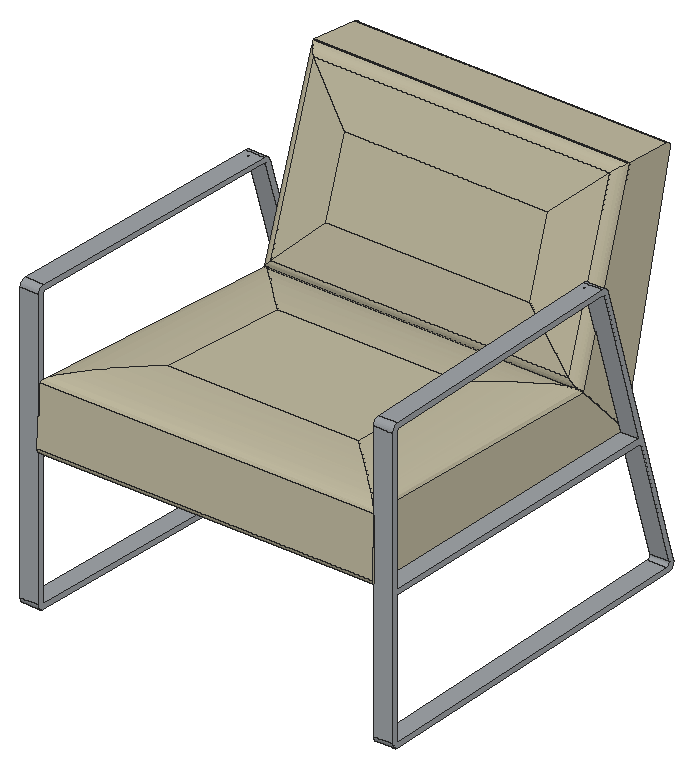
Revit family
Parameters
  URL = "http://www.martinbrattrud.com"
  SCS Certified Product = "Yes"
  Model = "Serif 530-01"
  Manufacturer = "Martin Brattrud, Inc."
  Keynote = "125000"
  Copyright = "© 2013 Martin Brattrud, Inc."
  Chair [instance] = none
  Arms [instance] = none
  Authoring Version = "Revit Architecture 2010"
  Assembly Code = "E2020200"
Reference planes (in)
  plane 1 "Center Front/Back": y = 0
  plane 2: z = 0
  plane 3 "Center Left/Right": x = 0
Forms (in)
  Extrusion 1, void
    sketch origin (0, 0, 0) x (1, 0, 0) y (0, 1, 0)
      loop
        line (-12.33596, 16.92826) -> (-16, 16.92826) -> (-16, -15.85639) -> (-13.29265, -15.85639) -> (-12.33596, 16.92826)
      loop
        line (16, 16.92826) -> (12.33596, 16.92826) -> (13.29265, -15.85639) -> (16, -15.85639) -> (16, 16.92826)
    from 9.22769 to 30.36981
  Extrusion 2, solid, material <- "Arms"
    sketch origin (-12.83179, -0.06324, 0) x (-0.029169, -0.999575, 0) y (0, 0, 1)
      loop
        line (13.76989, 22.625) -> (-7.07632, 22.625)
        arc (-7.07632, 22.625) -> (-7.22502, 22.57596) -> (-7.31539, 22.44809) r 0.25
        line (-7.31539, 22.44809) -> (-10.88581, 10.76977) -> (14.01989, 11.24279) -> (14.01989, 22.375)
        arc (14.01989, 22.375) -> (13.94666, 22.55178) -> (13.76989, 22.625) r 0.25
      loop
        line (-11.00224, 10.38895) -> (-13.96504, 0.69809)
        arc (-13.96504, 0.69809) -> (-13.92692, 0.47629) -> (-13.72596, 0.375) r 0.25
        line (-13.72596, 0.375) -> (13.76989, 0.375)
        arc (13.76989, 0.375) -> (13.94666, 0.44822) -> (14.01989, 0.625) r 0.25
        line (14.01989, 0.625) -> (14.01989, 10.86785) -> (-11.00224, 10.38895)
      loop
        arc (-14.37304, 0.64619) -> (-14.29682, 0.20259) -> (-13.89489, 0) r 0.5
        line (-13.89489, 0) -> (13.89489, 0)
        arc (13.89489, 0) -> (14.24844, 0.14645) -> (14.39489, 0.5) r 0.5
        line (14.39489, 0.5) -> (14.39489, 22.5)
        arc (14.39489, 22.5) -> (14.24844, 22.85355) -> (13.89489, 23) r 0.5
        line (13.89489, 23) -> (-7.16881, 23)
        arc (-7.16881, 23) -> (-7.46622, 22.90193) -> (-7.64697, 22.64619) r 0.5
        line (-7.64697, 22.64619) -> (-14.37304, 0.64619)
    from 0 to 1.5
  Extrusion 3, solid, material <- "Arms"
    sketch origin (12.83179, -0.06324, 0) x (0.029169, -0.999575, 0) y (0, 0, -1)
      loop
        arc (13.76989, -22.625) -> (13.94666, -22.55178) -> (14.01989, -22.375) r 0.25
        line (14.01989, -22.375) -> (14.01989, -11.24279) -> (-10.88581, -10.76977) -> (-7.31539, -22.44809)
        arc (-7.31539, -22.44809) -> (-7.22502, -22.57596) -> (-7.07632, -22.625) r 0.25
        line (-7.07632, -22.625) -> (13.76989, -22.625)
      loop
        line (-11.00224, -10.38895) -> (14.01989, -10.86785) -> (14.01989, -0.625)
        arc (14.01989, -0.625) -> (13.94666, -0.44822) -> (13.76989, -0.375) r 0.25
        line (13.76989, -0.375) -> (-13.72596, -0.375)
        arc (-13.72596, -0.375) -> (-13.92692, -0.47629) -> (-13.96504, -0.69809) r 0.25
        line (-13.96504, -0.69809) -> (-11.00224, -10.38895)
      loop
        line (-14.37304, -0.64619) -> (-7.64697, -22.64619)
        arc (-7.64697, -22.64619) -> (-7.46622, -22.90193) -> (-7.16881, -23) r 0.5
        line (-7.16881, -23) -> (13.89489, -23)
        arc (13.89489, -23) -> (14.24844, -22.85355) -> (14.39489, -22.5) r 0.5
        line (14.39489, -22.5) -> (14.39489, -0.5)
        arc (14.39489, -0.5) -> (14.24844, -0.14645) -> (13.89489, 0) r 0.5
        line (13.89489, 0) -> (-13.89489, 0)
        arc (-13.89489, 0) -> (-14.29682, -0.20259) -> (-14.37304, -0.64619) r 0.5
    from 0 to 1.5
  Extrusion 4, solid, material <- "Arms"
    sketch origin (0, 0, 0) x (0, 1, 0) y (0, 0, 1)
      loop
        line (8.33058, 10.8183) -> (6.83085, 10.84679) -> (6.82361, 10.46849) -> (8.32333, 10.43978) -> (8.33058, 10.8183)
      loop
        line (-9.8957, 11.16446) -> (-11.39543, 11.19294) -> (-11.40261, 10.81747) -> (-9.90289, 10.78876) -> (-9.8957, 11.16446)
    from -13.5 to 13.5
  Sweep 5, solid, material <- "Chair"
    path in 3D
      loop
        line (-12.48522, 11.81326, 29.36315) -> (-12.62154, 7.1417, 15.15946) -> (12.62154, 7.1417, 15.15946) -> (12.48522, 11.81326, 29.36315) -> (-12.48522, 11.81326, 29.36315)
    profile origin (0, 11.81326, 29.36315) x (0, 0.312433, 0.94994) y (0, 0.94994, -0.312433)
      loop
        line (-0.03213, 0) -> (-4.494, 0) -> (-4.494, -1.13082)
        arc (-4.494, -1.13082) -> (-2.64167, -1.03773) -> (-0.80801, -0.7594) r 18.47556
        arc (-0.80801, -0.7594) -> (-0.30805, -0.49416) -> (-0.03213, 0) r 1
  Extrusion 6, solid, material <- "Chair"
    sketch origin (0, 1.73815, -0.57167) x (0, -0.312433, -0.94994) y (-1, 0, 0)
      loop
        line (-27.09008, 8.032) -> (-27.09008, -8.032) -> (-21.12588, -8.08638) -> (-21.12588, 8.08638) -> (-27.09008, 8.032)
    from -0.9127 to 0.21812
  Extrusion 7, solid, material <- "Chair"
    sketch origin (0, 0, 0) x (0, 1, 0) y (0, 0, 1)
      loop
        line (15.6877, 29.02419) -> (11.81326, 29.36315) -> (7.1417, 15.15946) -> (11.33004, 10.76134) -> (15.94697, 28.65756)
        arc (15.94697, 28.65756) -> (15.90229, 28.90095) -> (15.6877, 29.02419) r 0.29424
    from -13.28125 to 13.28125
  Extrusion 8, solid, material <- "Chair"
    sketch origin (0, 0, 0) x (0, 1, 0) y (0, 0, 1)
      loop
        line (11.33004, 10.76134) -> (7.1417, 15.15946) -> (-14.39489, 16.25041) -> (-14.59173, 11.63759)
        arc (-14.59173, 11.63759) -> (-14.49028, 11.36473) -> (-14.22419, 11.24667) r 0.375
        line (-14.22419, 11.24667) -> (11.33004, 10.76134)
    from -14 to 14
  Sweep 9, solid, material <- "Chair"
    path in 3D
      loop
        line (-13.25, -14.39489, 16.25041) -> (-12.62154, 7.1417, 15.15946) -> (12.62154, 7.1417, 15.15946) -> (13.25, -14.39489, 16.25041) -> (-13.25, -14.39489, 16.25041)
    profile origin (0, -14.39489, 16.25041) x (0, -0.042634, -0.999091) y (0, -0.999091, 0.042634)
      loop
        spline (0.00025, -0.03124) -> (-0.13005, -0.07829) -> (-0.25739, -0.21883) -> (-0.37959, -0.45044) -> (-0.49456, -0.76916) -> (-0.60031, -1.16953) -> (-0.69505, -1.64466) -> (-0.77714, -2.18643) -> (-0.84518, -2.78555) -> (-0.898, -3.43173) -> (-0.9347, -4.11391) -> (-0.95464, -4.82038) -> (-0.95749, -5.53904)
        line (-0.95749, -5.53904) -> (-0.92164, -10.0389) -> (0.07991, -10.03092) -> (0.00025, -0.03124)
  Extrusion 10, solid, material <- "Chair"
    sketch origin (0, 0.78423, 15.4815) x (0, 0.998719, -0.050591) y (-1, 0, 0)
      loop
        line (-3.66562, 2.87839) -> (-5.16734, 2.92216) -> (-5.16734, -2.92216) -> (-3.66562, -2.87839) -> (-3.66562, 2.87839)
    from 0 to 1.00158
Cuts and joins
  joined: Extrusion 2, Extrusion 3, Extrusion 4
  joined: Sweep 5, Extrusion 6
  Extrusion 1 cuts Extrusion 7
  Extrusion 1 cuts Extrusion 8
  joined: Sweep 9, Extrusion 10
Lines and regions (in)
  sketch lines
    curve 1: line (12.48522, 11.81326, 29.36315) -> (-12.48522, 11.81326, 29.36315)
    curve 2: line (-12.48522, 11.81326, 29.36315) -> (-12.62154, 7.1417, 15.15946)
    curve 3: line (-12.62154, 7.1417, 15.15946) -> (12.62154, 7.1417, 15.15946)
    curve 4: line (12.62154, 7.1417, 15.15946) -> (12.48522, 11.81326, 29.36315)
    curve 5: line (13.25, -14.39489, 16.25041) -> (-13.25, -14.39489, 16.25041)
    curve 6: line (13.25, -14.39489, 16.25041) -> (12.62154, 7.1417, 15.15946)
    curve 7: line (12.62154, 7.1417, 15.15946) -> (-12.62154, 7.1417, 15.15946)
    curve 8: line (-12.62154, 7.1417, 15.15946) -> (-13.25, -14.39489, 16.25041)
